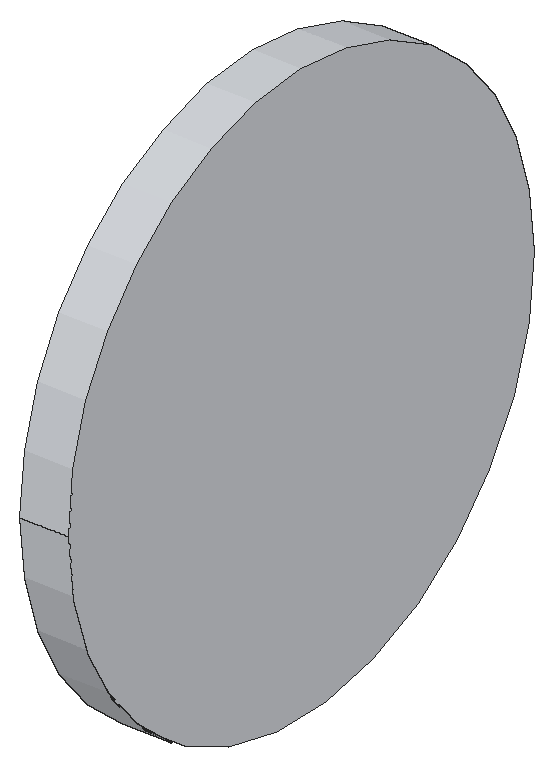
Revit family "415a38bd3d8b4035b5690103b6e9b58d", category Pipe Fittings, Revit 2021
Family settings
  Round Connector Dimension = Use Radius
  Part Type = Flange
  OmniClass Number = 23.60.30.11.14
  OmniClass Title = Pipework Fittings
  Seek Item ID = Flange - Threaded - GI - Class 250-0000-USA-ENU
  Work Plane-Based = No
  Always vertical = Yes
  Cut with Voids When Loaded = No
  Shared = No
Parameters (values of type "Standard")
  Tick Size [instance] = Flange Diameter * 0.4  # 2.4000"
  Nominal Radius [instance] = 1.0000"
  Nominal Diameter [instance] = Nominal Radius * 2  # 2.0000"
  Loss Method = Not Defined
  Lookup Table Name = "Flange - Ring - Stainless Steel - Class 50"
  Flange Thickness [instance] = size_lookup(Lookup Table Name, "FThk", 0.02 * Nominal Diameter + 0.3900", Nominal Diameter)  # 0.5000"
  Flange Radius [instance] = Flange Diameter / 2  # 3.0000"
  Flange Diameter [instance] = size_lookup(Lookup Table Name, "FDia", 1.15 * Nominal Diameter + 4.4800", Nominal Diameter)  # 6.0000"
  Default Elevation = 0.0000"
Reference planes (in)
  plane 1 "Center (Front/Back)": y = 0
  plane 2: z = 0
  plane 3 "Center (Left/Right)": x = 0
  plane 4: y = 2.4
  plane 5: y = -2.4
  plane 6: x = 0.5
Forms (in)
  Extrusion 1, solid, detail levels fine
    sketch origin (0, 0, 0) x (0, 1, 0) y (0, 0, 1)
      loop
        circle (0, 0) r 3
    from 0 to 0.5
Lines and regions (in)
  model lines, detail levels coarse+medium
    curve 1: line (0.25, 2.4, 0) -> (0.25, -2.4, 0)
  model lines, style "PipeFitting", detail levels coarse+medium
    curve 2: line (0.5, 0, 0) -> (0, 0, 0)
Dimensions and locks (in)
  equal spacing: plane 4, plane 1 "Center (Front/Back)", plane 5
  "Tick Size": plane 4 to plane 1 "Center (Front/Back)"
  "Flange Thickness": plane 3 "Center (Left/Right)" to plane 6
  equal spacing: plane 3 "Center (Left/Right)", curve 1, plane 6
  "Flange Radius": radius of Extrusion 1 sketch curve
  aligned and locked: plane 4 to curve 1
  aligned and locked: plane 5 to curve 1
  aligned and locked: plane 1 "Center (Front/Back)" to curve 2
  aligned and locked: plane 6 to Extrusion 1
  aligned and locked: plane 6 to curve 2
  aligned and locked: Extrusion 1 to plane 3 "Center (Left/Right)"
  aligned and locked: plane 3 "Center (Left/Right)" to curve 2
Automatic sketch dimensions
  Extrusion 1 sketch curve to level = 0.0000"
  Extrusion 1 sketch curve to plane 1 "Center (Front/Back)" = 0.0000"
Connectors (in)
  piping at (0, 0, 0), diameter 2, driven by "Nominal Radius"
    settings: on Extrusion 1, index 1, connector inside diameter 2.0000", connector length 0.0000", flow factor 0, pipe flow 0 GPM, pressure drop 0.00 psi, fitting loss kfactor 0, connector angle 0.00°, fixture units 0, engagement length 0.0000", angle of deflection 0.00°, flow configuration 0, flow direction 0, fitting loss method 0, system type 28, joint type 0, gender type 0, connector reference index 2, connector utility 0, adjustable connector no, is connector primary yes, connector description ""
  piping at (0.5, 0, 0), diameter 2, driven by "Nominal Radius"
    settings: on Extrusion 1, index 2, connector inside diameter 2.0000", connector length 0.0000", flow factor 0, pipe flow 0 GPM, pressure drop 0.00 psi, fitting loss kfactor 0, connector angle 0.00°, fixture units 0, engagement length 0.0000", angle of deflection 0.00°, flow configuration 0, flow direction 0, fitting loss method 0, system type 28, joint type 0, gender type 0, connector reference index 1, connector utility 0, adjustable connector no, is connector primary no, connector description ""
